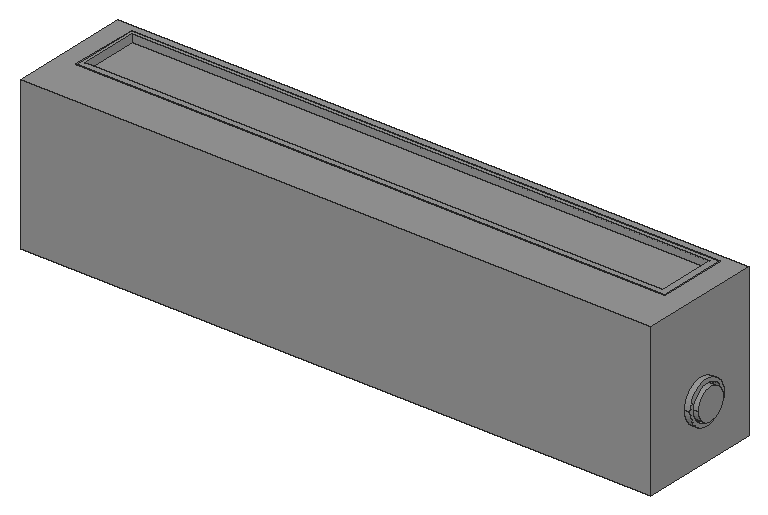
Revit family "SABRINA_1104LM_3000K_NOIR", category Lighting Fixtures, host Wall, Revit 2021
Family settings
  Host = Wall
  Round Connector Dimension = Use Diameter
  Part Type = Normal
  OmniClass Number = 23.80.70.00
  OmniClass Title = Lighting
  Always vertical = Yes
  Cut with Voids When Loaded = No
  Light Source = Yes
  Shared = No
  Room Calculation Point = No
Parameters
  Wattage = 7.43224 W
  built-in parameter 1150110 = 1 (stored number, unit not read)
  Type de lampe = "LED SMD 2835"
  Type = "Applique avec interrupteur ON/OFF"
  built-in parameter 1114217 = 1 (stored number, unit not read)
  built-in parameter 1150109 = 1 (stored number, unit not read)
  built-in parameter 1150134 = (empty or 0)
  built-in parameter 1150113 = 1 (stored number, unit not read)
  Puissance nominale = "2x8W"
  Matériau = "Corps en fonte d’aluminium"
  Maintien du flux = "L80B10 (50 000 heures)"
  Lumens = 1104 lm
  built-in parameter 1150115 = 1 (stored number, unit not read)
  built-in parameter 1150105 = 351.41 (stored number, unit not read)
  Light Source Symbol Size = 609.6 mm
  built-in parameter 1150137 = (empty or 0)
  built-in parameter 1150139 = (empty or 0)
  built-in parameter 1150112 = 1 (stored number, unit not read)
  built-in parameter 1150114 = 1 (stored number, unit not read)
  built-in parameter 1150132 = 2
  built-in parameter 1150102 = (empty or 0)
  built-in parameter 1150138 = (empty or 0)
  built-in parameter 1150107 = 3000 (stored number, unit not read)
  built-in parameter 1150106 = 3.5141 (stored number, unit not read)
  IRC = ">80"
  Fintion = "Blanc"
  Emit from Line Length = 609.6 mm
  built-in parameter 1150104 = 13.8 (stored number, unit not read)
  Durée de vie = "50 000 heures"
  Dimming Lamp Color Temperature Shift = <None>
  Dimensions = "300 x 58 x 72 mm"
  Diffuseur = "Verre opale trempé"
  Default Elevation = 0 mm
  Color Filter = 16777215
  built-in parameter 1114218 = 1 (stored number, unit not read)
  built-in parameter 1150133 = 10 (stored number, unit not read)
  Alimentation Driver = "AC 220-240V / 50Hz"
Reference planes
  plane 1: y = 0
  plane 2 "Light Source Axis (F/B)": y = 203.2
  plane 3 "Light Source Axis (L/R)": x = -36.356
  plane 4 "Light Source Elevation": z = 2000
Forms (mm)
  Extrusion 1, solid, material "Metal, Powder Coated, White"
    sketch origin (0, 203.2, 0) x (1, 0, 0) y (0, 0, 1)
      loop
        line (113.644, 1972) -> (-186.356, 1972) -> (-186.356, 1900) -> (113.644, 1900) -> (113.644, 1972)
    from 70.2 to 128.2
  Extrusion 2, void
    sketch origin (0, 0, 2000) x (0, 1, 0) y (-1, 0, 0)
      loop
        line (130, 177.444) -> (97.05, 177.444) -> (97.05, -102.556) -> (130, -102.556) -> (130, 177.444)
    from -64.493 to 0
  Extrusion 3, solid, material "Acrylic"
    sketch origin (0, 0, 2000) x (0, 1, 0) y (-1, 0, 0)
      loop
        line (130, 177.444) -> (97.05, 177.444) -> (97.05, -102.556) -> (130, -102.556) -> (130, 177.444)
      loop
        line (127.781, 175.385) -> (99.771, 175.385) -> (99.771, -99.615) -> (127.781, -99.615) -> (127.781, 175.385)
    from -28 to -33.684
  Extrusion 4, solid, material "Glass, White, High Luminance"
    sketch origin (0, 0, 2000) x (0, 1, 0) y (-1, 0, 0)
      loop
        line (127.781, 175.385) -> (99.771, 175.385) -> (99.771, -99.615) -> (127.781, -99.615) -> (127.781, 175.385)
    from -31.326 to -33.684
  Extrusion 5, solid, material "Acrylic"
    sketch origin (-36.356, 0, 0) x (0, -1, 0) y (0, 0, 1)
      loop
        circle (-104.562, 1927.949) r 10
      loop
        circle (-104.562, 1927.949) r 8.433
    from -153.033 to -150
  Extrusion 6, solid, material "Acrylic"
    sketch origin (-36.356, 0, 0) x (0, -1, 0) y (0, 0, 1)
      loop
        circle (-104.613, 1927.843) r 7.252
    from -154.895 to -150
Cuts and joins
  Extrusion 2 cuts Extrusion 1
Lines and regions (mm)
  reference lines
    curve 1: line (-36.356, 203.2, 1900) -> (-186.356, 203.2, 1900)
    curve 2: line (-186.356, 203.2, 1900) -> (-186.356, 203.2, 1972)
    curve 3: line (-186.356, 203.2, 1972) -> (113.644, 203.2, 1972)
    curve 4: line (113.644, 203.2, 1972) -> (113.644, 203.2, 1900)
    curve 5: line (113.644, 203.2, 1900) -> (-36.356, 203.2, 1900)
    curve 6: line (-36.356, 75, 2000) -> (113.644, 75, 2000)
    curve 7: line (113.644, 75, 2000) -> (113.644, 133, 2000)
    curve 8: line (113.644, 133, 2000) -> (-186.356, 133, 2000)
    curve 9: line (-186.356, 133, 2000) -> (-186.356, 75, 2000)
    curve 10: line (-186.356, 75, 2000) -> (-36.356, 75, 2000)
Text (mm)
  text "Placement Side" at (0, 1019.848, 2973.606), in view "Right"
  text "Placement Side" at (-1787.662, 723.012, 0), in view "Ref. Level"
  text "Placement Side" at (0, 1206.291, 3020.473), in view "Left"
Dimensions and locks
  aligned and locked: plane 3 "Light Source Axis (L/R)" to imposter light
